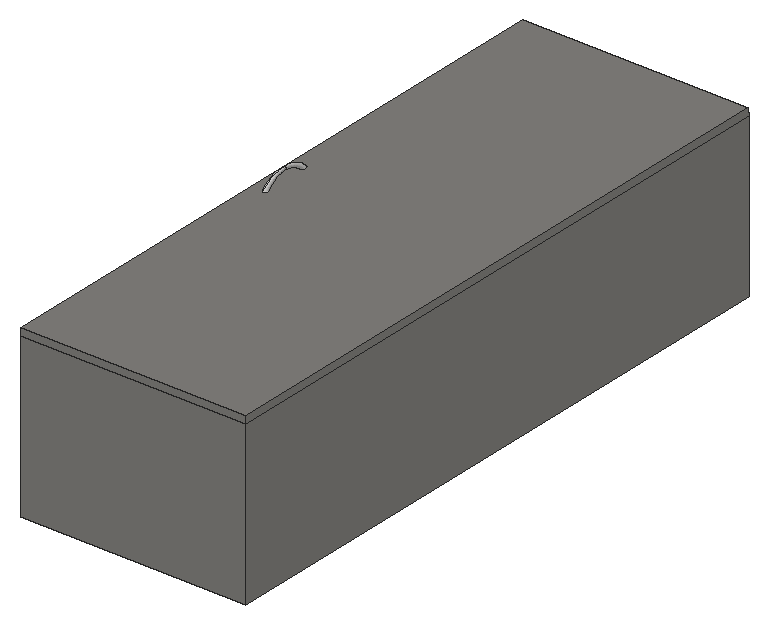
Revit family "Furniture_Other-Furniture_Midmark_Wall-Hung-Full-Tall-Cabinetry__", category Casework, host Face, Revit 2019
Family settings
  Host = Face
  Cut with Voids When Loaded = No
  Shared = No
  Room Calculation Point = No
Parameters (values of type "Default - Please Load Revit Family Type Catalog")
  z_Height Doorhandle = if(Height = 5' 7", 2' 9 1/2", 2' 10")  # 2' - 9 1/2"
  Width = 2' - 0"
  URL = "https://www.midmark.com"
  Product data url = "https://www.bimobject.com/midmark/product/midmark-synthesis-wall-hung-full-tall-cabinetry"
  Product Page URL = "https://www.midmark.com/animal-health/products/casework/detail/midmark-cabinetry-tall-cabinets"
  Product Guid = "d7e7c08d-e4eb-482a-a033-29daa7809f8e"  # constant formula
  Model = "TE01 - RH Door - 24x67"
  Manufacturer = "Midmark"  # constant formula
  Height = 5' - 7"
  Glass Panel = Glass - Midmark - Frosted
  Door Drawer Configuration = Door Drawer Options : RH Door
  Description = "Synthesis Cabinetry provides maximum flexibility with configurable options to meet your needs—for today and tomorrow. Sterilization towers, lab towers and wall-hung tall cabinets can be configured for access from seated or standing positions, while offering better ergonomic support."  # constant formula
  Depth = 1' - 6"
  Default Elevation = 6' - 3"
  Cabinet Finish = Wood - Midmark - Storm
Reference planes (in)
  plane 1 "Center (Front/Back)": y = 0
  plane 2: z = 0
  plane 3 "Center (Left/Right)": x = 0
  plane 4: x = -12
  plane 5: x = 12
  plane 6: y = -67
  plane 7: z = 18
  plane 8: z = 17.25
  plane 9: z = 0.75
  plane 10: x = -11.25
  plane 11: x = 11.25
  plane 12: y = -0.75
  plane 13: y = -14
  plane 14: y = -27.25
  plane 15: y = -40.5
  plane 16: y = -53.75
Forms (in)
  Extrusion 1, solid, material "Wood - Midmark - Storm" <- "Cabinet Finish"
    sketch origin (0, 0, 0) x (1, 0, 0) y (0, 1, 0)
      loop
        line (-12, 0) -> (-12, -67) -> (12, -67) -> (12, 0) -> (-12, 0)
    from 0 to 17.25
  Extrusion 2, void
    sketch origin (0, 0, 17.25) x (0, 1, 0) y (1, 0, 0)
      loop
        line (-0.75, -11.25) -> (-0.75, 11.25) -> (-66.25, 11.25) -> (-66.25, -11.25) -> (-0.75, -11.25)
    from 0 to 16.5
  Extrusion 3, solid, material "Wood - Midmark - Storm" <- "Cabinet Finish"
    sketch origin (0, 0, 17.25) x (1, 0, 0) y (0, 1, 0)
      loop
        line (-11.25, -14) -> (11.25, -14) -> (11.25, -13.25) -> (-11.25, -13.25) -> (-11.25, -14)
      loop
        line (-11.25, -27.25) -> (11.25, -27.25) -> (11.25, -26.5) -> (-11.25, -26.5) -> (-11.25, -27.25)
      loop
        line (-11.25, -40.5) -> (11.25, -40.5) -> (11.25, -39.75) -> (-11.25, -39.75) -> (-11.25, -40.5)
      loop
        line (-11.25, -53.75) -> (11.25, -53.75) -> (11.25, -53) -> (-11.25, -53) -> (-11.25, -53.75)
    from -16.5 to 0
Cuts and joins
  Extrusion 2 cuts Extrusion 1
Lines and regions (in)
  Masking region 1
    outline origin (0, 0, 0) x (1, 0, 0) y (0, 0, 1)
      loop
        line (12, 18) -> (-12, 18) -> (-12, 0) -> (12, 0) -> (12, 18)
  Masking region 2
    outline origin (0, 0, 0) x (1, 0, 0) y (0, 0, 1)
      loop
        line (-12, 0) -> (12, 0) -> (12, 18) -> (-12, 18) -> (-12, 0)
  symbolic lines
    curve 1: line (12, 0, 17.25) -> (-12, 0, 17.25)
Dimensions and locks (in)
  equal spacing: plane 4, plane 3 "Center (Left/Right)", plane 5
  "Width": plane 4 to plane 5
  "Height": plane 6 to plane 1 "Center (Front/Back)"
  "Depth": plane 7 to level
  locked: plane 7 to plane 8 at 0.75
  locked: plane 4 to Extrusion 2 sketch curve at 0.75
  locked: Extrusion 2 sketch curve to plane 1 "Center (Front/Back)" at 0.75
  locked: Extrusion 2 sketch curve to plane 5 at 0.75
  locked: Extrusion 2 sketch curve to plane 6 at 0.75
  locked: plane 9 to level at 0.75
  locked: plane 4 to plane 10 at 0.75
  locked: plane 11 to plane 5 at 0.75
  locked: plane 12 to plane 1 "Center (Front/Back)" at 0.75
  equal spacing: plane 12, plane 13, plane 14, plane 15, plane 16, plane 6
  locked: Extrusion 3 sketch curve to plane 13 at 0.75
  locked: Extrusion 3 sketch curve to plane 14 at 0.75
  locked: Extrusion 3 sketch curve to plane 15 at 0.75
  locked: Extrusion 3 sketch curve to plane 16 at 0.75
  aligned and locked: plane 2 to host face
  aligned and locked: level to host face
  aligned and locked: plane 1 "Center (Front/Back)" to Extrusion 1 sketch curve
  aligned and locked: Extrusion 1 sketch curve to plane 4
  aligned and locked: plane 6 to Extrusion 1 sketch curve
  aligned and locked: Extrusion 1 sketch curve to plane 5
  aligned and locked: Extrusion 1 to plane 8
  aligned and locked: Masking region 1 sketch curve to Extrusion 1  (x2)
  aligned and locked: Masking region 2 sketch curve to plane 4
  aligned and locked: plane 7 to Masking region 2 sketch curve
  aligned and locked: plane 5 to Masking region 2 sketch curve
  aligned and locked: Masking region 2 sketch curve to host face
  aligned and locked: curve 1 to Extrusion 1
  aligned and locked: cut or joined group of Extrusion 1, Extrusion 2 to plane 9
  aligned and locked: Extrusion 3 sketch curve to plane 13
  aligned and locked: Extrusion 3 sketch curve to plane 10  (x4)
  aligned and locked: plane 11 to Extrusion 3 sketch curve  (x4)
  aligned and locked: Extrusion 3 sketch curve to plane 14
  aligned and locked: Extrusion 3 sketch curve to plane 15
  aligned and locked: Extrusion 3 sketch curve to plane 16
  aligned and locked: Extrusion 3 to plane 9
  aligned and locked: Extrusion 3 to plane 8
  aligned and locked: nested 1 to cut or joined group of Extrusion 1, Extrusion 2
  aligned and locked: nested 1 to plane 3 "Center (Left/Right)"
  aligned and locked: plane 1 "Center (Front/Back)" to nested 1
Automatic sketch dimensions
  host sketch curve to host sketch curve = 8' - 0"
  host sketch curve to host sketch curve = 10' - 10.79609"
  Masking region 1 sketch curve to plane 5 = 0' - 0"
  Masking region 1 sketch curve to plane 7 = 0' - 0"
  curve 1 to plane 4 = 0' - 0"
  curve 1 to plane 5 = 0' - 0"
Nested families (in)
  nested 1: "Door Drawer Options" at (0, 0, 17.25), Cabinet Finish <- "Cabinet Finish", Glass Panel <- "Glass Panel", Height <- "Height", Width <- "Width", z_Height Doorhandle <- "z_Height Doorhandle", type <- "Door Drawer Configuration", type "RH Door"
    with z_Height Doorhandle 2' - 9 1/2", Width 2' - 0", Height 5' - 7", Glass Panel Glass - Midmark - Frosted, Cabinet Finish Wood - Midmark - Storm
Definition of nested family "Door Drawer Options"
  Parameters (values of type "RH Window Door 67")
    z_RH_LH Window Door = yes
    z_RH_LH Door = no
    z_LH Doorhandle = no
    z_Height Doorhandle [instance] = 2' - 10"
    z_Double Window Doors = no
    z_Double Doors = no
    z_Double Doorhandle = no
    Width [instance] = 2' - 0"
    z_RH Doorhandle = yes
    Height [instance] = 5' - 7"
    Glass Panel [instance] = none
    Cabinet Finish [instance] = none
  Types (12): name | z_RH_LH Window Door | z_RH_LH Door | z_LH Doorhandle | z_Double Window Doors | z_Double Doors | z_Double Doorhandle | z_RH Doorhandle | Height
    RH Door | no | yes | no | no | no | no | yes | 5' - 2"
    LH Door | no | yes | yes | no | no | no | no | 5' - 2"
    Double Doors 67 | no | no | no | no | yes | yes | no | 5' - 7"
    RH Window Door | yes | no | no | no | no | no | yes | 5' - 2"
    LH Window Door | yes | no | yes | no | no | no | no | 5' - 2"
    Double Window Doors 67 | no | no | no | yes | no | yes | no | 5' - 7"
    Double Doors | no | no | no | no | yes | yes | no | 5' - 2"
    Double Window Doors | no | no | no | yes | no | yes | no | 5' - 2"
    LH Door 67 | no | yes | yes | no | no | no | no | 5' - 7"
    LH Window Door 67 | yes | no | yes | no | no | no | no | 5' - 7"
    RH Door 67 | no | yes | no | no | no | no | yes | 5' - 7"
    RH Window Door 67 | yes | no | no | no | no | no | yes | 5' - 7"
  Reference planes (in)
    plane 1 "Center (Front/Back)": y = 0
    plane 2: z = 0
    plane 3 "Center (Left/Right)": x = 0
    plane 4: x = -12
    plane 5: x = 12
    plane 6: y = -67
    plane 7: x = -10.65
    plane 8: x = 10.66
    plane 9: x = -0.04
    plane 10: x = 0.04
    plane 11: x = -1.34375
    plane 12: x = 1.34375
    plane 13: y = -34
    plane 14: y = -2.63
    plane 15: y = -21.38
    plane 16: y = -24.01
    plane 17: y = -40.76
    plane 18: y = -43.39
    plane 19: y = -64.37
    plane 20: x = -9.37
    plane 21: x = 9.37
    plane 22: x = -2.63
    plane 23: x = 2.63
  Forms (in)
    Extrusion 1, solid, material <- "Cabinet Finish", visible <- "z_RH_LH Door"
      sketch origin (0, 0, 0) x (1, 0, 0) y (0, 1, 0)
        loop
          line (-12, 0) -> (-12, -67) -> (12, -67) -> (12, 0) -> (-12, 0)
      from 0 to 0.75
    Extrusion 2, solid, material <- "Cabinet Finish", visible <- "z_Double Doors"
      sketch origin (0, 0, 0) x (1, 0, 0) y (0, 1, 0)
        loop
          line (-12, 0) -> (-12, -67) -> (-0.04, -67) -> (-0.04, 0) -> (-12, 0)
        loop
          line (0.04, 0) -> (0.04, -67) -> (12, -67) -> (12, 0) -> (0.04, 0)
      from 0 to 0.75
    Extrusion 3, solid, material <- "Glass Panel", visible <- "z_RH_LH Window Door"
      sketch origin (0, 0, 0) x (1, 0, 0) y (0, 1, 0)
        loop
          arc (-9.12, -2.63) -> (-9.29678, -2.70322) -> (-9.37, -2.88) r 0.25
          line (-9.37, -2.88) -> (-9.37, -21.13)
          arc (-9.37, -21.13) -> (-9.29678, -21.30678) -> (-9.12, -21.38) r 0.25
          line (-9.12, -21.38) -> (9.12, -21.38)
          arc (9.12, -21.38) -> (9.29678, -21.30678) -> (9.37, -21.13) r 0.25
          line (9.37, -21.13) -> (9.37, -2.88)
          arc (9.37, -2.88) -> (9.29678, -2.70322) -> (9.12, -2.63) r 0.25
          line (9.12, -2.63) -> (-9.12, -2.63)
        loop
          arc (-9.12, -43.39) -> (-9.29678, -43.46322) -> (-9.37, -43.64) r 0.25
          line (-9.37, -43.64) -> (-9.37, -64.12)
          arc (-9.37, -64.12) -> (-9.29678, -64.29678) -> (-9.12, -64.37) r 0.25
          line (-9.12, -64.37) -> (9.12, -64.37)
          arc (9.12, -64.37) -> (9.29678, -64.29678) -> (9.37, -64.12) r 0.25
          line (9.37, -64.12) -> (9.37, -43.64)
          arc (9.37, -43.64) -> (9.29678, -43.46322) -> (9.12, -43.39) r 0.25
          line (9.12, -43.39) -> (-9.12, -43.39)
        loop
          arc (-9.12, -24.01) -> (-9.29678, -24.08322) -> (-9.37, -24.26) r 0.25
          line (-9.37, -24.26) -> (-9.37, -40.51)
          arc (-9.37, -40.51) -> (-9.29678, -40.68678) -> (-9.12, -40.76) r 0.25
          line (-9.12, -40.76) -> (9.12, -40.76)
          arc (9.12, -40.76) -> (9.29678, -40.68678) -> (9.37, -40.51) r 0.25
          line (9.37, -40.51) -> (9.37, -24.26)
          arc (9.37, -24.26) -> (9.29678, -24.08322) -> (9.12, -24.01) r 0.25
          line (9.12, -24.01) -> (-9.12, -24.01)
      from 0 to 0.17969
    Extrusion 4, solid, material <- "Cabinet Finish", visible <- "z_RH_LH Window Door"
      sketch origin (0, 0, 0) x (1, 0, 0) y (0, 1, 0)
        loop
          line (-12, 0) -> (-12, -67) -> (12, -67) -> (12, 0) -> (-12, 0)
        loop
          arc (-9.12, -2.63) -> (-9.29678, -2.70322) -> (-9.37, -2.88) r 0.25
          line (-9.37, -2.88) -> (-9.37, -21.13)
          arc (-9.37, -21.13) -> (-9.29678, -21.30678) -> (-9.12, -21.38) r 0.25
          line (-9.12, -21.38) -> (9.12, -21.38)
          arc (9.12, -21.38) -> (9.29678, -21.30678) -> (9.37, -21.13) r 0.25
          line (9.37, -21.13) -> (9.37, -2.88)
          arc (9.37, -2.88) -> (9.29678, -2.70322) -> (9.12, -2.63) r 0.25
          line (9.12, -2.63) -> (-9.12, -2.63)
        loop
          arc (-9.12, -24.01) -> (-9.29678, -24.08322) -> (-9.37, -24.26) r 0.25
          line (-9.37, -24.26) -> (-9.37, -40.51)
          arc (-9.37, -40.51) -> (-9.29678, -40.68678) -> (-9.12, -40.76) r 0.25
          line (-9.12, -40.76) -> (9.12, -40.76)
          arc (9.12, -40.76) -> (9.29678, -40.68678) -> (9.37, -40.51) r 0.25
          line (9.37, -40.51) -> (9.37, -24.26)
          arc (9.37, -24.26) -> (9.29678, -24.08322) -> (9.12, -24.01) r 0.25
          line (9.12, -24.01) -> (-9.12, -24.01)
        loop
          arc (-9.12, -43.39) -> (-9.29678, -43.46322) -> (-9.37, -43.64) r 0.25
          line (-9.37, -43.64) -> (-9.37, -64.12)
          arc (-9.37, -64.12) -> (-9.29678, -64.29678) -> (-9.12, -64.37) r 0.25
          line (-9.12, -64.37) -> (9.12, -64.37)
          arc (9.12, -64.37) -> (9.29678, -64.29678) -> (9.37, -64.12) r 0.25
          line (9.37, -64.12) -> (9.37, -43.64)
          arc (9.37, -43.64) -> (9.29678, -43.46322) -> (9.12, -43.39) r 0.25
          line (9.12, -43.39) -> (-9.12, -43.39)
      from 0 to 0.75
    Extrusion 5, solid, material <- "Cabinet Finish", visible <- "z_Double Window Doors"
      sketch origin (0, 0, 0) x (1, 0, 0) y (0, 1, 0)
        loop
          line (-12, 0) -> (-12, -67) -> (-0.04, -67) -> (-0.04, 0) -> (-12, 0)
        loop
          line (0.04, 0) -> (0.04, -67) -> (12, -67) -> (12, 0) -> (0.04, 0)
        loop
          arc (2.88, -2.63) -> (2.70322, -2.70322) -> (2.63, -2.88) r 0.25
          line (2.63, -2.88) -> (2.63, -21.13)
          arc (2.63, -21.13) -> (2.70322, -21.30678) -> (2.88, -21.38) r 0.25
          line (2.88, -21.38) -> (9.12, -21.38)
          arc (9.12, -21.38) -> (9.29678, -21.30678) -> (9.37, -21.13) r 0.25
          line (9.37, -21.13) -> (9.37, -2.88)
          arc (9.37, -2.88) -> (9.29678, -2.70322) -> (9.12, -2.63) r 0.25
          line (9.12, -2.63) -> (2.88, -2.63)
        loop
          arc (2.88, -24.01) -> (2.70322, -24.08322) -> (2.63, -24.26) r 0.25
          line (2.63, -24.26) -> (2.63, -40.51)
          arc (2.63, -40.51) -> (2.70322, -40.68678) -> (2.88, -40.76) r 0.25
          line (2.88, -40.76) -> (9.12, -40.76)
          arc (9.12, -40.76) -> (9.29678, -40.68678) -> (9.37, -40.51) r 0.25
          line (9.37, -40.51) -> (9.37, -24.26)
          arc (9.37, -24.26) -> (9.29678, -24.08322) -> (9.12, -24.01) r 0.25
          line (9.12, -24.01) -> (2.88, -24.01)
        loop
          arc (2.88, -43.39) -> (2.70322, -43.46322) -> (2.63, -43.64) r 0.25
          line (2.63, -43.64) -> (2.63, -64.12)
          arc (2.63, -64.12) -> (2.70322, -64.29678) -> (2.88, -64.37) r 0.25
          line (2.88, -64.37) -> (9.12, -64.37)
          arc (9.12, -64.37) -> (9.29678, -64.29678) -> (9.37, -64.12) r 0.25
          line (9.37, -64.12) -> (9.37, -43.64)
          arc (9.37, -43.64) -> (9.29678, -43.46322) -> (9.12, -43.39) r 0.25
          line (9.12, -43.39) -> (2.88, -43.39)
        loop
          line (-2.88, -2.63) -> (-9.12, -2.63)
          arc (-9.12, -2.63) -> (-9.29678, -2.70322) -> (-9.37, -2.88) r 0.25
          line (-9.37, -2.88) -> (-9.37, -21.13)
          arc (-9.37, -21.13) -> (-9.29678, -21.30678) -> (-9.12, -21.38) r 0.25
          line (-9.12, -21.38) -> (-2.88, -21.38)
          arc (-2.88, -21.38) -> (-2.70322, -21.30678) -> (-2.63, -21.13) r 0.25
          line (-2.63, -21.13) -> (-2.63, -2.88)
          arc (-2.63, -2.88) -> (-2.70322, -2.70322) -> (-2.88, -2.63) r 0.25
        loop
          line (-2.88, -24.01) -> (-9.12, -24.01)
          arc (-9.12, -24.01) -> (-9.29678, -24.08322) -> (-9.37, -24.26) r 0.25
          line (-9.37, -24.26) -> (-9.37, -40.51)
          arc (-9.37, -40.51) -> (-9.29678, -40.68678) -> (-9.12, -40.76) r 0.25
          line (-9.12, -40.76) -> (-2.88, -40.76)
          arc (-2.88, -40.76) -> (-2.70322, -40.68678) -> (-2.63, -40.51) r 0.25
          line (-2.63, -40.51) -> (-2.63, -24.26)
          arc (-2.63, -24.26) -> (-2.70322, -24.08322) -> (-2.88, -24.01) r 0.25
        loop
          line (-2.88, -43.39) -> (-9.12, -43.39)
          arc (-9.12, -43.39) -> (-9.29678, -43.46322) -> (-9.37, -43.64) r 0.25
          line (-9.37, -43.64) -> (-9.37, -64.12)
          arc (-9.37, -64.12) -> (-9.29678, -64.29678) -> (-9.12, -64.37) r 0.25
          line (-9.12, -64.37) -> (-2.88, -64.37)
          arc (-2.88, -64.37) -> (-2.70322, -64.29678) -> (-2.63, -64.12) r 0.25
          line (-2.63, -64.12) -> (-2.63, -43.64)
          arc (-2.63, -43.64) -> (-2.70322, -43.46322) -> (-2.88, -43.39) r 0.25
      from 0 to 0.75
    Extrusion 6, solid, material <- "Glass Panel", visible <- "z_Double Window Doors"
      sketch origin (0, 0, 0) x (1, 0, 0) y (0, 1, 0)
        loop
          arc (-9.12, -2.63) -> (-9.29678, -2.70322) -> (-9.37, -2.88) r 0.25
          line (-9.37, -2.88) -> (-9.37, -21.13)
          arc (-9.37, -21.13) -> (-9.29678, -21.30678) -> (-9.12, -21.38) r 0.25
          line (-9.12, -21.38) -> (-2.88, -21.38)
          arc (-2.88, -21.38) -> (-2.70322, -21.30678) -> (-2.63, -21.13) r 0.25
          line (-2.63, -21.13) -> (-2.63, -2.88)
          arc (-2.63, -2.88) -> (-2.70322, -2.70322) -> (-2.88, -2.63) r 0.25
          line (-2.88, -2.63) -> (-9.12, -2.63)
        loop
          arc (-9.12, -24.01) -> (-9.29678, -24.08322) -> (-9.37, -24.26) r 0.25
          line (-9.37, -24.26) -> (-9.37, -40.51)
          arc (-9.37, -40.51) -> (-9.29678, -40.68678) -> (-9.12, -40.76) r 0.25
          line (-9.12, -40.76) -> (-2.88, -40.76)
          arc (-2.88, -40.76) -> (-2.70322, -40.68678) -> (-2.63, -40.51) r 0.25
          line (-2.63, -40.51) -> (-2.63, -24.26)
          arc (-2.63, -24.26) -> (-2.70322, -24.08322) -> (-2.88, -24.01) r 0.25
          line (-2.88, -24.01) -> (-9.12, -24.01)
        loop
          arc (-9.12, -43.39) -> (-9.29678, -43.46322) -> (-9.37, -43.64) r 0.25
          line (-9.37, -43.64) -> (-9.37, -64.12)
          arc (-9.37, -64.12) -> (-9.29678, -64.29678) -> (-9.12, -64.37) r 0.25
          line (-9.12, -64.37) -> (-2.88, -64.37)
          arc (-2.88, -64.37) -> (-2.70322, -64.29678) -> (-2.63, -64.12) r 0.25
          line (-2.63, -64.12) -> (-2.63, -43.64)
          arc (-2.63, -43.64) -> (-2.70322, -43.46322) -> (-2.88, -43.39) r 0.25
          line (-2.88, -43.39) -> (-9.12, -43.39)
        loop
          line (9.12, -2.63) -> (2.88, -2.63)
          arc (2.88, -2.63) -> (2.70322, -2.70322) -> (2.63, -2.88) r 0.25
          line (2.63, -2.88) -> (2.63, -21.13)
          arc (2.63, -21.13) -> (2.70322, -21.30678) -> (2.88, -21.38) r 0.25
          line (2.88, -21.38) -> (9.12, -21.38)
          arc (9.12, -21.38) -> (9.29678, -21.30678) -> (9.37, -21.13) r 0.25
          line (9.37, -21.13) -> (9.37, -2.88)
          arc (9.37, -2.88) -> (9.29678, -2.70322) -> (9.12, -2.63) r 0.25
        loop
          line (9.12, -24.01) -> (2.88, -24.01)
          arc (2.88, -24.01) -> (2.70322, -24.08322) -> (2.63, -24.26) r 0.25
          line (2.63, -24.26) -> (2.63, -40.51)
          arc (2.63, -40.51) -> (2.70322, -40.68678) -> (2.88, -40.76) r 0.25
          line (2.88, -40.76) -> (9.12, -40.76)
          arc (9.12, -40.76) -> (9.29678, -40.68678) -> (9.37, -40.51) r 0.25
          line (9.37, -40.51) -> (9.37, -24.26)
          arc (9.37, -24.26) -> (9.29678, -24.08322) -> (9.12, -24.01) r 0.25
        loop
          line (9.12, -43.39) -> (2.88, -43.39)
          arc (2.88, -43.39) -> (2.70322, -43.46322) -> (2.63, -43.64) r 0.25
          line (2.63, -43.64) -> (2.63, -64.12)
          arc (2.63, -64.12) -> (2.70322, -64.29678) -> (2.88, -64.37) r 0.25
          line (2.88, -64.37) -> (9.12, -64.37)
          arc (9.12, -64.37) -> (9.29678, -64.29678) -> (9.37, -64.12) r 0.25
          line (9.37, -64.12) -> (9.37, -43.64)
          arc (9.37, -43.64) -> (9.29678, -43.46322) -> (9.12, -43.39) r 0.25
      from 0 to 0.17969
  Dimensions and locks (in)
    equal spacing: plane 4, plane 3 "Center (Left/Right)", plane 5
    "Width": plane 4 to plane 5
    "Height": plane 6 to plane 1 "Center (Front/Back)"
    locked: plane 4 to plane 7 at 1.35
    locked: plane 8 to plane 5 at 1.34
    equal spacing: plane 9, plane 3 "Center (Left/Right)", plane 10
    locked: plane 9 to plane 10 at 0.08
    equal spacing: plane 11, plane 3 "Center (Left/Right)", plane 12
    locked: plane 11 to plane 3 "Center (Left/Right)" at 1.34375
    "z_Height Doorhandle": plane 13 to plane 1 "Center (Front/Back)"
    locked: plane 1 "Center (Front/Back)" to plane 14 at 2.63
    locked: plane 15 to plane 16 at 2.63
    locked: plane 14 to plane 15 at 18.75
    locked: plane 16 to plane 17 at 16.75
    locked: plane 17 to plane 18 at 2.63
    locked: plane 19 to plane 6 at 2.63
    locked: plane 4 to plane 20 at 2.63
    locked: plane 21 to plane 5 at 2.63
    locked: plane 22 to plane 3 "Center (Left/Right)" at 2.63
    equal spacing: plane 22, plane 3 "Center (Left/Right)", plane 23
    radius of Extrusion 3 sketch curve = 0' - 0 1/4"  (x8)
    radius of Extrusion 4 sketch curve = 0' - 0 1/4"  (x12)
    radius of Extrusion 5 sketch curve = 0' - 0 1/4"  (x24)
    radius of Extrusion 6 sketch curve = 0' - 0 1/4"  (x24)
    aligned and locked: plane 2 to level
    aligned and locked: plane 4 to Extrusion 1 sketch curve
    aligned and locked: plane 6 to Extrusion 1 sketch curve
    aligned and locked: Extrusion 1 sketch curve to plane 5
    aligned and locked: plane 7 to nested 1
    aligned and locked: plane 11 to nested 2
    aligned and locked: plane 12 to nested 3
    aligned and locked: plane 8 to nested 4
    aligned and locked: plane 4 to Extrusion 2 sketch curve
    aligned and locked: plane 6 to Extrusion 2 sketch curve  (x2)
    aligned and locked: Extrusion 2 sketch curve to plane 9
    aligned and locked: Extrusion 2 sketch curve to plane 5
    aligned and locked: Extrusion 2 sketch curve to plane 10
    aligned and locked: plane 1 "Center (Front/Back)" to Extrusion 2 sketch curve  (x2)
    aligned and locked: plane 1 "Center (Front/Back)" to Extrusion 1 sketch curve
    aligned and locked: nested 1 to plane 13
    aligned and locked: nested 2 to plane 13
    aligned and locked: nested 3 to plane 13
    aligned and locked: nested 4 to plane 13
    aligned and locked: Extrusion 3 sketch curve to plane 14
    aligned and locked: plane 20 to Extrusion 3 sketch curve  (x3)
    aligned and locked: plane 15 to Extrusion 3 sketch curve
    aligned and locked: plane 21 to Extrusion 3 sketch curve  (x3)
    aligned and locked: Extrusion 3 sketch curve to plane 18
    aligned and locked: plane 19 to Extrusion 3 sketch curve
    aligned and locked: Extrusion 3 sketch curve to plane 16
    aligned and locked: plane 17 to Extrusion 3 sketch curve
    aligned and locked: plane 6 to Extrusion 4 sketch curve
    aligned and locked: plane 4 to Extrusion 4 sketch curve
    aligned and locked: Extrusion 4 sketch curve to plane 5
    aligned and locked: plane 1 "Center (Front/Back)" to Extrusion 4 sketch curve
    aligned and locked: plane 20 to Extrusion 4 sketch curve  (x3)
    aligned and locked: Extrusion 4 sketch curve to plane 14
    aligned and locked: plane 21 to Extrusion 4 sketch curve  (x3)
    aligned and locked: plane 15 to Extrusion 4 sketch curve
    aligned and locked: Extrusion 4 sketch curve to plane 16
    aligned and locked: plane 17 to Extrusion 4 sketch curve
    aligned and locked: plane 19 to Extrusion 4 sketch curve
    aligned and locked: plane 6 to Extrusion 5 sketch curve  (x2)
    aligned and locked: plane 1 "Center (Front/Back)" to Extrusion 5 sketch curve  (x2)
    aligned and locked: Extrusion 5 sketch curve to plane 9
    aligned and locked: plane 4 to Extrusion 5 sketch curve
    aligned and locked: Extrusion 5 sketch curve to plane 5
    aligned and locked: Extrusion 5 sketch curve to plane 10
    aligned and locked: plane 19 to Extrusion 5 sketch curve
    aligned and locked: Extrusion 5 sketch curve to plane 23  (x3)
    aligned and locked: plane 21 to Extrusion 5 sketch curve  (x3)
    aligned and locked: Extrusion 5 sketch curve to plane 18
    aligned and locked: plane 17 to Extrusion 5 sketch curve
    aligned and locked: Extrusion 5 sketch curve to plane 16
    aligned and locked: plane 15 to Extrusion 5 sketch curve
    aligned and locked: Extrusion 5 sketch curve to plane 14
    aligned and locked: plane 14 to Extrusion 5 sketch curve
    aligned and locked: plane 22 to Extrusion 5 sketch curve  (x3)
    aligned and locked: Extrusion 5 sketch curve to plane 15
    aligned and locked: Extrusion 5 sketch curve to plane 20  (x3)
    aligned and locked: plane 16 to Extrusion 5 sketch curve
    aligned and locked: Extrusion 5 sketch curve to plane 17
    aligned and locked: plane 18 to Extrusion 5 sketch curve
    aligned and locked: Extrusion 5 sketch curve to plane 19
    aligned and locked: plane 19 to Extrusion 6 sketch curve
    aligned and locked: Extrusion 6 sketch curve to plane 22  (x3)
    aligned and locked: plane 20 to Extrusion 6 sketch curve  (x3)
    aligned and locked: Extrusion 6 sketch curve to plane 18
    aligned and locked: plane 17 to Extrusion 6 sketch curve
    aligned and locked: Extrusion 6 sketch curve to plane 16
    aligned and locked: plane 15 to Extrusion 6 sketch curve
    aligned and locked: Extrusion 6 sketch curve to plane 14
    aligned and locked: Extrusion 6 sketch curve to plane 19
    aligned and locked: plane 23 to Extrusion 6 sketch curve  (x3)
    aligned and locked: Extrusion 6 sketch curve to plane 21  (x3)
    aligned and locked: plane 18 to Extrusion 6 sketch curve
    aligned and locked: Extrusion 6 sketch curve to plane 17
    aligned and locked: plane 16 to Extrusion 6 sketch curve
    aligned and locked: Extrusion 6 sketch curve to plane 15
    aligned and locked: plane 14 to Extrusion 6 sketch curve
  Automatic sketch dimensions
    Extrusion 3 sketch curve to Extrusion 3 sketch curve = 0' - 0 1/4"  (x2)
    Extrusion 3 sketch curve to plane 14 = 0' - 0 1/4"  (x2)
    Extrusion 4 sketch curve to plane 18 = 0' - 0"
  Nested families (in)
    nested 1: "Doorhandle" at (-10.65, -34, 0.75) x (0, -1, 0) z (1, 0, 0), visible <- "z_RH Doorhandle", type "Doorhandle"
    nested 2: "Doorhandle" at (-1.34375, -34, 0.75) x (0, -1, 0) z (1, 0, 0), visible <- "z_Double Doorhandle", type "Doorhandle"
    nested 3: "Doorhandle" at (1.34375, -34, 0.75) x (0, -1, 0) z (1, 0, 0), visible <- "z_Double Doorhandle", type "Doorhandle"
    nested 4: "Doorhandle" at (10.66, -34, 0.75) x (0, -1, 0) z (1, 0, 0), visible <- "z_LH Doorhandle", type "Doorhandle"
  Definition of nested family "Doorhandle"
    Parameters (values of type "Doorhandle")
      Material = none
      Default Elevation = 4' - 0"
    Reference planes (in)
      plane 1 "Center (Front/Back)": y = 0
      plane 2: z = 0
      plane 3 "Center (Left/Right)": x = 0
    Forms (in)
      Extrusion 1, void
        sketch origin (0, 0, 0) x (1, 0, 0) y (0, 1, 0)
          loop
            line (-4.20959, 0) -> (4.08404, 0) -> (4.08404, 0.89195) -> (-4.20959, 0.89195) -> (-4.20959, 0)
        from -1 to 1
      SweptBlend 2, solid
        path origin (0, 0, 0) x (1, 0, 0) y (0, 1, 0)
          loop
            arc (2.8312, 0.38238) -> (1.5832, -0.66124) -> (0, -1.03553) r 3.53553
        profile origin (2.8312, 0.38238, 0) x (0.800783, -0.598954, 0) y (0, 0, 1)
          loop
            circle (0, 0) r 0.25
        end profile origin (0, -1.03553, 0) x (0, -1, 0) y (0, 0, 1)
          loop
            circle (0, 0) r 0.125
      SweptBlend 3, solid
        path origin (0, 0, 0) x (-1, 0, 0) y (0, 1, 0)
          loop
            arc (2.8312, 0.38238) -> (1.5832, -0.66124) -> (0, -1.03553) r 3.53553
        profile origin (-2.8312, 0.38238, 0) x (0.800783, 0.598954, 0) y (0, 0, 1)
          loop
            circle (0, 0) r 0.25
        end profile origin (0, -1.03553, 0) x (0, 1, 0) y (0, 0, 1)
          loop
            circle (0, 0) r 0.125
    Cuts and joins
      Extrusion 1 cuts SweptBlend 2
      Extrusion 1 cuts SweptBlend 3
    Lines and regions (in)
      Masking region 1
        outline origin (0, 0, 0) x (1, 0, 0) y (0, 1, 0)
          loop
            arc (-2.82788, 0) -> (-1.53766, -0.88173) -> (0, -1.16049) r 3.74686
            arc (0, -1.16049) -> (1.53766, -0.88173) -> (2.82788, 0) r 3.74686
            line (2.82788, 0) -> (2.17565, 0)
            arc (2.17565, 0) -> (1.17047, -0.65276) -> (0, -0.91057) r 3.35517
            arc (0, -0.91057) -> (-1.17047, -0.65276) -> (-2.17565, 0) r 3.35517
            line (-2.17565, 0) -> (-2.82788, 0)
      Masking region 2
        outline origin (0, 0, 0) x (0, 1, 0) y (0, 0, 1)
          loop
            spline (0, 0.22893) -> (-0.22387, 0.21665) -> (-0.4048, 0.20567) -> (-0.54871, 0.19587) -> (-0.66153, 0.18713) -> (-0.74918, 0.17934) -> (-0.8176, 0.17238) -> (-0.8727, 0.16614) -> (-0.91961, 0.16013) -> (-0.96234, 0.15339) -> (-1.00479, 0.14492) -> (-1.05015, 0.13312) -> (-1.09626, 0.11214)
            arc (-1.09626, 0.11214) -> (-1.1631, 0.00007) -> (-1.09648, -0.11211) r 0.12757
            spline (-1.09648, -0.11211) -> (-1.05036, -0.13309) -> (-1.00492, -0.14492) -> (-0.96244, -0.1534) -> (-0.91977, -0.16013) -> (-0.87301, -0.16613) -> (-0.81817, -0.17236) -> (-0.75006, -0.1793) -> (-0.66266, -0.18708) -> (-0.54998, -0.19581) -> (-0.40598, -0.20561) -> (-0.22466, -0.21661) -> (0, -0.22893)
            line (0, -0.22893) -> (0, 0.22893)
      reference lines
        curve 1: line (2.89923, 0, 0) -> (-3.10077, 0, 0)
    Dimensions and locks (in)
      aligned and locked: plane 2 to level
      aligned and locked: Masking region 2 sketch curve to cut or joined group of Extrusion 1, SweptBlend 3
